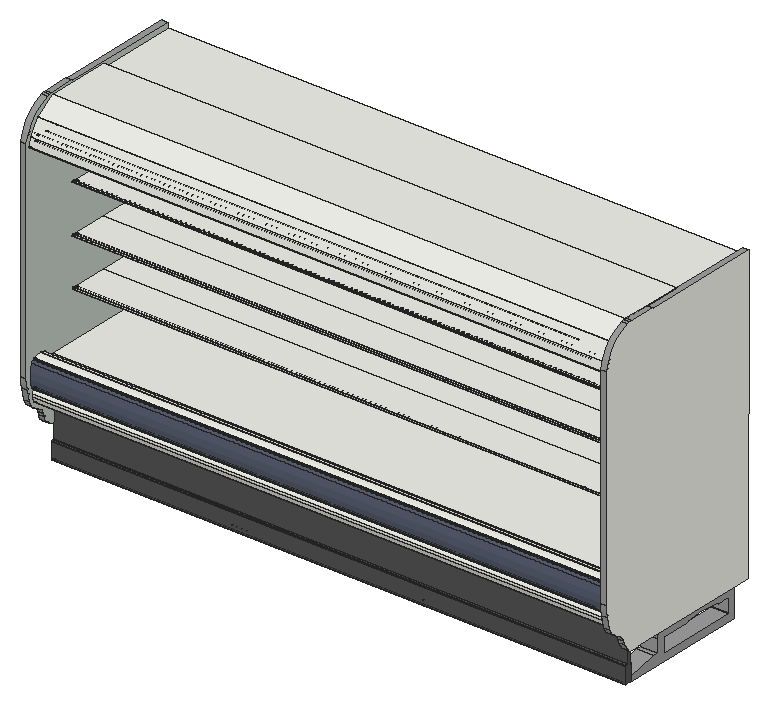
Revit family "IC4SL_2014", category Specialty Equipment, Revit 2014 (continued)
Automatic sketch dimensions
  Extrusion 7 sketch curve to Extrusion 7 sketch curve = 0.11251"
  Extrusion 7 sketch curve to Extrusion 7 sketch curve = 0.00039"
  Extrusion 7 sketch curve to Extrusion 7 sketch curve = 0.60308"
  level to Extrusion 7 sketch curve = 8.10238"
  Extrusion 7 sketch curve to Extrusion 7 sketch curve = 0.24691"
  Extrusion 7 sketch curve to Extrusion 7 sketch curve = 0.16296"
  Extrusion 7 sketch curve to Extrusion 7 sketch curve = 0.16944"
  Extrusion 7 sketch curve to Extrusion 7 sketch curve = 0.03385"
  Extrusion 7 sketch curve to Extrusion 7 sketch curve = 0.70225"
  Extrusion 7 sketch curve to Extrusion 7 sketch curve = 3/256"
  Extrusion 7 sketch curve to Extrusion 7 sketch curve = 0.08837"
  Extrusion 7 sketch curve to Extrusion 7 sketch curve = 0.12442"
  Extrusion 7 sketch curve to Extrusion 7 sketch curve = 0.02877"
  Extrusion 7 sketch curve to Extrusion 7 sketch curve = 0.25897"
  Extrusion 7 sketch curve to Extrusion 7 sketch curve = 0.14114"
  Extrusion 7 sketch curve to Extrusion 7 sketch curve = 0.22975"
  Extrusion 7 sketch curve to Extrusion 7 sketch curve = 0.08386"
  Extrusion 7 sketch curve to Extrusion 7 sketch curve = 0.13095"
  Extrusion 7 sketch curve to Extrusion 7 sketch curve = 0.36143"
  Extrusion 7 sketch curve to Extrusion 7 sketch curve = 0.13423"
  Extrusion 7 sketch curve to Extrusion 7 sketch curve = 0.00634"
  Extrusion 7 sketch curve to Extrusion 7 sketch curve = 0.00017"
  Extrusion 7 sketch curve to Extrusion 7 sketch curve = 0.16446"
  Extrusion 7 sketch curve to Extrusion 7 sketch curve = 0.00029"
  curve 5 to plane 1 "Back" = 0"
  plane 3 "Top" to curve 11 = 1.56475"
  plane 3 "Top" to curve 13 = 1.56475"
  curve 14 to plane 1 "Back" = 0.00023"
  curve 16 to plane 1 "Back" = 0.00023"
  Extrusion 8 sketch curve to plane 5 "Front" = 0.72374"
  Extrusion 8 sketch curve to plane 5 "Front" = 0.35784"
  plane 5 "Front" to Extrusion 8 sketch curve = 0.45465"
  plane 5 "Front" to Extrusion 8 sketch curve = 2.0844"
  plane 5 "Front" to Extrusion 8 sketch curve = 2.08934"
  Extrusion 8 sketch curve to Extrusion 8 sketch curve = 1.2687"
  Extrusion 8 sketch curve to Extrusion 8 sketch curve = 3.12784"  (x2)
  Extrusion 8 sketch curve to Extrusion 8 sketch curve = 1.39439"
  Extrusion 8 sketch curve to Extrusion 8 sketch curve = 0.25446"
  plane 3 "Top" to Extrusion 8 sketch curve = 1.32922"
  Extrusion 8 sketch curve to Extrusion 8 sketch curve = 0.45049"
  plane 3 "Top" to Extrusion 8 sketch curve = 1.24974"
  Extrusion 8 sketch curve to Extrusion 8 sketch curve = 0.56578"
  Extrusion 8 sketch curve to Extrusion 8 sketch curve = 3.12069"
  Extrusion 8 sketch curve to Extrusion 8 sketch curve = 1.04027"
  Extrusion 8 sketch curve to Extrusion 8 sketch curve = 2.68754"
  Extrusion 8 sketch curve to Extrusion 8 sketch curve = 6.43235"
  Extrusion 8 sketch curve to Extrusion 8 sketch curve = 6.51363"
  Extrusion 8 sketch curve to plane 1 "Back" = 0.23965"
  Extrusion 8 sketch curve to Extrusion 8 sketch curve = 2.77935"
  Extrusion 8 sketch curve to Extrusion 8 sketch curve = 2.19414"
  Extrusion 8 sketch curve to Extrusion 8 sketch curve = 3.03224"
  Extrusion 8 sketch curve to Extrusion 8 sketch curve = 0.65928"
  Extrusion 8 sketch curve to Extrusion 8 sketch curve = 1.73608"
  Extrusion 8 sketch curve to Extrusion 8 sketch curve = 0.11155"
  Extrusion 8 sketch curve to Extrusion 8 sketch curve = 0.94965"
  Extrusion 8 sketch curve to Extrusion 8 sketch curve = 0.238"
  Extrusion 8 sketch curve to Extrusion 8 sketch curve = 3.20669"
  Extrusion 8 sketch curve to Extrusion 8 sketch curve = 0.19001"
  Extrusion 8 sketch curve to Extrusion 8 sketch curve = 0.7098"
  Extrusion 8 sketch curve to Extrusion 8 sketch curve = 0"
  level to Extrusion 9 sketch curve = 8.14526"
  Extrusion 9 sketch curve to Extrusion 9 sketch curve = 0.238"
  plane 5 "Front" to Extrusion 9 sketch curve = 5.00689"
  Extrusion 9 sketch curve to Extrusion 9 sketch curve = 2.40007"
  Extrusion 9 sketch curve to Extrusion 9 sketch curve = 0.23476"
  Extrusion 9 sketch curve to Extrusion 9 sketch curve = 3.00016"
  plane 5 "Front" to Extrusion 9 sketch curve = 4.75243"
  Extrusion 9 sketch curve to Extrusion 9 sketch curve = 0.94965"
  plane 5 "Front" to Extrusion 9 sketch curve = 3.35804"
  Extrusion 9 sketch curve to Extrusion 9 sketch curve = 1.73608"
  plane 5 "Front" to Extrusion 9 sketch curve = 2.08934"
  Extrusion 9 sketch curve to Extrusion 9 sketch curve = 0.65928"
  plane 5 "Front" to Extrusion 9 sketch curve = 0.45465"
  Extrusion 9 sketch curve to Extrusion 9 sketch curve = 2.03528"
  Extrusion 9 sketch curve to Extrusion 9 sketch curve = 0.8381"
  Extrusion 9 sketch curve to plane 5 "Front" = 0.35784"
  Extrusion 9 sketch curve to Extrusion 9 sketch curve = 3.03224"
  plane 3 "Top" to Extrusion 9 sketch curve = 4.5359"
  plane 3 "Top" to Extrusion 9 sketch curve = 1.43975"
  plane 3 "Top" to Extrusion 9 sketch curve = 1.32922"
  Extrusion 9 sketch curve to Extrusion 9 sketch curve = 0.07948"
  plane 5 "Front" to Extrusion 9 sketch curve = 6.6438"
  Extrusion 9 sketch curve to Extrusion 9 sketch curve = 0.45049"
  Extrusion 9 sketch curve to Extrusion 9 sketch curve = 0.56578"
  Extrusion 9 sketch curve to Extrusion 9 sketch curve = 3.12069"
  Extrusion 9 sketch curve to Extrusion 9 sketch curve = 1.04027"
  Extrusion 9 sketch curve to Extrusion 9 sketch curve = 2.68754"
  Extrusion 9 sketch curve to Extrusion 9 sketch curve = 6.43235"
  Extrusion 9 sketch curve to Extrusion 9 sketch curve = 6.51363"
  Extrusion 9 sketch curve to plane 1 "Back" = 0.23965"
  plane 3 "Top" to curve 10 = 10.04412"
  Extrusion 4 sketch curve to Extrusion 4 sketch curve = 0.47776"
  plane 3 "Top" to Extrusion 4 sketch curve = 10.87787"
  Extrusion 4 sketch curve to Extrusion 4 sketch curve = 1.07694"
  Extrusion 4 sketch curve to Extrusion 4 sketch curve = 0.00236"
  Extrusion 8 sketch curve to Extrusion 8 sketch curve = 7.36754"
  Extrusion 9 sketch curve to Extrusion 9 sketch curve = 7.00242"
  Extrusion 9 sketch curve to Extrusion 9 sketch curve = 4 199/256"
  Extrusion 4 sketch curve to Extrusion 4 sketch curve = 0.72203"
  level to Extrusion 4 sketch curve = 11.92456"
  Extrusion 4 sketch curve to Extrusion 4 sketch curve = 2.4821"
  Extrusion 4 sketch curve to Extrusion 4 sketch curve = 8.50311"
  Extrusion 4 sketch curve to Extrusion 4 sketch curve = 0.32432"
  Extrusion 4 sketch curve to Extrusion 4 sketch curve = 0.9207"
  Extrusion 4 sketch curve to Extrusion 4 sketch curve = 0.01203"
  Extrusion 4 sketch curve to Extrusion 4 sketch curve = 2.17543"
  Extrusion 4 sketch curve to Extrusion 4 sketch curve = 0.20534"
  Extrusion 4 sketch curve to Extrusion 4 sketch curve = 0.05145"
  Extrusion 5 sketch curve to Extrusion 5 sketch curve = 7.86402"
  Extrusion 5 sketch curve to plane 12 = 17.25624"
  Extrusion 5 sketch curve to Extrusion 5 sketch curve = 2.24577"
  Extrusion 5 sketch curve to Extrusion 5 sketch curve = 0.57358"
  Extrusion 5 sketch curve to Extrusion 5 sketch curve = 0.4195"
  Extrusion 7 sketch curve to plane 12 = 15.5885"
  Extrusion 7 sketch curve to Extrusion 7 sketch curve = 0.47453"
  Extrusion 7 sketch curve to Extrusion 7 sketch curve = 0.00621"
  Extrusion 7 sketch curve to Extrusion 7 sketch curve = 1.34029"
  Extrusion 7 sketch curve to Extrusion 7 sketch curve = 0.15136"
  Extrusion 7 sketch curve to Extrusion 7 sketch curve = 0.03986"
  Extrusion 7 sketch curve to Extrusion 7 sketch curve = 2.02679"
  Extrusion 7 sketch curve to Extrusion 7 sketch curve = 0.02365"
  Extrusion 7 sketch curve to Extrusion 7 sketch curve = 0.39033"
  Extrusion 7 sketch curve to Extrusion 7 sketch curve = 0.39374"
  Extrusion 7 sketch curve to Extrusion 7 sketch curve = 0.16478"
  Extrusion 7 sketch curve to Extrusion 7 sketch curve = 0.12941"
  Extrusion 7 sketch curve to Extrusion 7 sketch curve = 0.49111"
  Extrusion 7 sketch curve to Extrusion 7 sketch curve = 0.00133"
  Extrusion 8 sketch curve to plane 12 = 14.24978"
  Extrusion 9 sketch curve to Extrusion 9 sketch curve = 4.97349"
  Extrusion 9 sketch curve to plane 5 "Front" = 0.72374"
  Extrusion 10 sketch curve to Extrusion 10 sketch curve = 0"  (x16)
  Extrusion 10 sketch curve to plane 12 = 0"
  Extrusion 10 sketch curve to plane 13 = 0"
  Extrusion 10 sketch curve to plane 12 = 0.31125"
  plane 5 "Front" to Extrusion 10 sketch curve = 13.70635"
  plane 13 to Extrusion 10 sketch curve = 0.03074"
  Extrusion 10 sketch curve to Extrusion 10 sketch curve = 0.01219"  (x4)
  Extrusion 10 sketch curve to Extrusion 10 sketch curve = 0.00795"  (x3)
  Extrusion 10 sketch curve to Extrusion 10 sketch curve = 0.01327"  (x3)
  Extrusion 10 sketch curve to plane 13 = 0.32549"
  Extrusion 10 sketch curve to Extrusion 10 sketch curve = 0.01424"  (x2)
  Extrusion 10 sketch curve to plane 12 = 0.32549"
  Extrusion 10 sketch curve to Extrusion 10 sketch curve = 0.00938"  (x3)
  Extrusion 10 sketch curve to plane 12 = 0.30779"
  Extrusion 10 sketch curve to plane 13 = 0.30779"
  Extrusion 10 sketch curve to Extrusion 10 sketch curve = 0.03975"  (x3)
  plane 12 to Extrusion 10 sketch curve = 0.03074"
  plane 13 to Extrusion 10 sketch curve = 0.04368"
  plane 12 to Extrusion 10 sketch curve = 0.04368"
  Extrusion 10 sketch curve to plane 13 = 11.95632"
  Extrusion 10 sketch curve to Extrusion 10 sketch curve = 0.03758"
  Extrusion 10 sketch curve to plane 13 = 11.95235"
  plane 13 to Extrusion 10 sketch curve = 0.04765"
  plane 12 to Extrusion 10 sketch curve = 0.04765"
  Extrusion 10 sketch curve to plane 13 = 0.01219"
  Extrusion 10 sketch curve to Extrusion 10 sketch curve = 0.01924"  (x3)
  Extrusion 10 sketch curve to plane 12 = 0.01219"
  Extrusion 10 sketch curve to Extrusion 10 sketch curve = 0.0087"  (x3)
  Extrusion 10 sketch curve to plane 13 = 0.19708"
  Extrusion 10 sketch curve to Extrusion 10 sketch curve = 0.0921"  (x3)
  Extrusion 10 sketch curve to plane 12 = 0.19708"
  Extrusion 10 sketch curve to Extrusion 10 sketch curve = 0.02262"
  Extrusion 10 sketch curve to plane 12 = 0.2197"
  Extrusion 10 sketch curve to plane 13 = 0.2197"
  Extrusion 10 sketch curve to Extrusion 10 sketch curve = 0.04154"  (x3)
  Extrusion 10 sketch curve to Extrusion 10 sketch curve = 0.01883"
  Extrusion 10 sketch curve to Extrusion 10 sketch curve = 0.06625"  (x9)
  Extrusion 10 sketch curve to plane 13 = 0.2764"
  Extrusion 10 sketch curve to Extrusion 10 sketch curve = 0.87821"  (x3)
  Extrusion 10 sketch curve to plane 12 = 0.2764"
  Extrusion 10 sketch curve to Extrusion 10 sketch curve = 8.14557"  (x3)
  Extrusion 10 sketch curve to Extrusion 10 sketch curve = 7.93679"  (x3)
  Extrusion 10 sketch curve to plane 12 = 0.59421"
  Extrusion 10 sketch curve to plane 13 = 0.59421"
  Extrusion 10 sketch curve to Extrusion 10 sketch curve = 0.71822"  (x3)
  Extrusion 10 sketch curve to plane 13 = 0.69826"
  Extrusion 10 sketch curve to Extrusion 10 sketch curve = 0.8474"  (x3)
  Extrusion 10 sketch curve to plane 12 = 0.69826"
  Extrusion 10 sketch curve to Extrusion 10 sketch curve = 0.42745"  (x3)
  Extrusion 10 sketch curve to plane 13 = 0.84827"
  Extrusion 10 sketch curve to plane 12 = 0.84827"
  Extrusion 10 sketch curve to plane 12 = 2.35164"
  Extrusion 10 sketch curve to Extrusion 10 sketch curve = 2.43639"  (x3)
  Extrusion 10 sketch curve to plane 13 = 2.35164"
  Extrusion 10 sketch curve to plane 12 = 2.44375"
  Extrusion 10 sketch curve to Extrusion 10 sketch curve = 0.18898"  (x3)
  Extrusion 10 sketch curve to plane 13 = 2.44375"
  Extrusion 10 sketch curve to Extrusion 10 sketch curve = 0.19781"  (x3)
  Extrusion 10 sketch curve to Extrusion 10 sketch curve = 0.16985"  (x3)
  Extrusion 10 sketch curve to Extrusion 10 sketch curve = 0.36869"  (x3)
  Extrusion 10 sketch curve to Extrusion 10 sketch curve = 0.07296"  (x3)
  Extrusion 10 sketch curve to plane 13 = 2.60707"
  Extrusion 10 sketch curve to plane 12 = 2.60707"
  Extrusion 10 sketch curve to plane 12 = 0.02014"
  Extrusion 10 sketch curve to Extrusion 10 sketch curve = 0.08774"  (x3)
  Extrusion 10 sketch curve to plane 13 = 0.02014"
  Extrusion 10 sketch curve to plane 12 = 2.5158"
  Extrusion 10 sketch curve to Extrusion 10 sketch curve = 0.02757"  (x3)
  Extrusion 10 sketch curve to plane 13 = 2.5158"
  Extrusion 10 sketch curve to Extrusion 10 sketch curve = 0.02014"
  Extrusion 10 sketch curve to plane 12 = 2.21613"
  Extrusion 10 sketch curve to Extrusion 10 sketch curve = 0.09003"  (x3)
  Extrusion 10 sketch curve to plane 13 = 2.21613"
  Extrusion 10 sketch curve to plane 13 = 2.25406"
  Extrusion 10 sketch curve to Extrusion 10 sketch curve = 0.01531"  (x3)
  Extrusion 10 sketch curve to plane 12 = 2.25406"
  Extrusion 10 sketch curve to Extrusion 10 sketch curve = 0.11295"  (x3)
  Extrusion 10 sketch curve to plane 12 = 0.37554"
  Extrusion 10 sketch curve to plane 13 = 0.37554"
  Extrusion 10 sketch curve to Extrusion 10 sketch curve = 0.03151"  (x2)
  Extrusion 10 sketch curve to Extrusion 10 sketch curve = 0.0162"
  Extrusion 10 sketch curve to plane 12 = 0.64458"
  Extrusion 10 sketch curve to Extrusion 10 sketch curve = 0.00969"  (x3)
  Extrusion 10 sketch curve to plane 13 = 0.64458"
  Extrusion 10 sketch curve to plane 12 = 0.90884"
  Extrusion 10 sketch curve to Extrusion 10 sketch curve = 0.0096"  (x3)
  Extrusion 10 sketch curve to plane 13 = 0.90884"
  Extrusion 10 sketch curve to Extrusion 10 sketch curve = 0.03293"  (x3)
  Extrusion 10 sketch curve to plane 12 = 0.34095"
  Extrusion 10 sketch curve to plane 13 = 0.34095"
  Extrusion 10 sketch curve to Extrusion 10 sketch curve = 0.03337"  (x3)
  Extrusion 10 sketch curve to Extrusion 10 sketch curve = 43/256"  (x3)
  Extrusion 10 sketch curve to plane 12 = 2 119/256"
  Extrusion 10 sketch curve to plane 13 = 2 119/256"
  Extrusion 10 sketch curve to plane 13 = 2.55507"
  Extrusion 10 sketch curve to Extrusion 10 sketch curve = 0.00064"  (x3)
  Extrusion 10 sketch curve to plane 12 = 2.55507"
  Extrusion 10 sketch curve to plane 12 = 0.87132"
  Extrusion 10 sketch curve to Extrusion 10 sketch curve = 0.03291"  (x3)
  Extrusion 10 sketch curve to plane 13 = 0.87132"
  Extrusion 10 sketch curve to Extrusion 10 sketch curve = 0.00023"  (x3)
  Extrusion 10 sketch curve to Extrusion 10 sketch curve = 0.03993"  (x3)
  Extrusion 10 sketch curve to plane 13 = 1.22946"
  Extrusion 10 sketch curve to plane 12 = 1.22946"
  Extrusion 10 sketch curve to Extrusion 10 sketch curve = 0.09428"  (x3)
  Extrusion 10 sketch curve to plane 13 = 1.89786"
  Extrusion 10 sketch curve to plane 12 = 1.89786"
  Extrusion 10 sketch curve to Extrusion 10 sketch curve = 0.06624"  (x3)
  Extrusion 10 sketch curve to Extrusion 10 sketch curve = 0.05602"  (x3)
  Extrusion 10 sketch curve to plane 13 = 0.34022"
  Extrusion 10 sketch curve to plane 12 = 0.34022"
  Extrusion 10 sketch curve to plane 12 = 0.43439"
  Extrusion 10 sketch curve to plane 13 = 0.43439"
  Extrusion 10 sketch curve to Extrusion 10 sketch curve = 0.05681"
  Extrusion 10 sketch curve to plane 13 = 0.87104"
  Extrusion 10 sketch curve to Extrusion 10 sketch curve = 0.04147"  (x3)
  Extrusion 10 sketch curve to plane 12 = 0.87104"
  Extrusion 10 sketch curve to Extrusion 10 sketch curve = 0.0419"
  Extrusion 10 sketch curve to plane 13 = 0.96704"
  Extrusion 10 sketch curve to plane 12 = 0.96704"
  Extrusion 10 sketch curve to Extrusion 10 sketch curve = 0.05735"  (x3)
  Extrusion 10 sketch curve to plane 13 = 2.46463"
  Extrusion 10 sketch curve to Extrusion 10 sketch curve = 0.05785"  (x3)
  Extrusion 10 sketch curve to plane 12 = 2.46463"
  Extrusion 10 sketch curve to plane 13 = 2.34057"
  Extrusion 10 sketch curve to Extrusion 10 sketch curve = 0.0327"  (x3)
  Extrusion 10 sketch curve to plane 12 = 2.34057"
  Extrusion 10 sketch curve to Extrusion 10 sketch curve = 0.21382"  (x3)
  Extrusion 10 sketch curve to plane 13 = 0.98164"
  Extrusion 10 sketch curve to plane 12 = 0.98164"
  Extrusion 10 sketch curve to Extrusion 10 sketch curve = 0.03782"  (x3)
  Extrusion 10 sketch curve to plane 13 = 1.08771"
  Extrusion 10 sketch curve to plane 12 = 1.08771"
  Extrusion 10 sketch curve to plane 12 = 1.0005"
  Extrusion 10 sketch curve to Extrusion 10 sketch curve = 0.06329"  (x3)
  Extrusion 10 sketch curve to plane 13 = 1.0005"
  Extrusion 10 sketch curve to Extrusion 10 sketch curve = 0.04693"  (x3)
  Extrusion 10 sketch curve to plane 12 = 0.47094"
  Extrusion 10 sketch curve to Extrusion 10 sketch curve = 0.04184"  (x3)
  Extrusion 10 sketch curve to plane 13 = 0.47094"
  Extrusion 10 sketch curve to Extrusion 10 sketch curve = 0.03849"  (x3)
  Extrusion 10 sketch curve to plane 12 = 0.57152"
  Extrusion 10 sketch curve to plane 13 = 0.57152"
  Extrusion 10 sketch curve to Extrusion 10 sketch curve = 0.06296"
  Extrusion 10 sketch curve to plane 13 = 0.48979"
  Extrusion 10 sketch curve to plane 12 = 0.48979"
  Extrusion 10 sketch curve to Extrusion 10 sketch curve = 0.09045"  (x3)
  Extrusion 10 sketch curve to plane 13 = 0.60247"
  Extrusion 10 sketch curve to Extrusion 10 sketch curve = 0.0149"  (x3)
  Extrusion 10 sketch curve to plane 12 = 0.60247"
  Extrusion 10 sketch curve to plane 13 = 1.15824"
  Extrusion 10 sketch curve to Extrusion 10 sketch curve = 0.35205"  (x3)
  Extrusion 10 sketch curve to plane 12 = 1.15824"
  Extrusion 10 sketch curve to Extrusion 10 sketch curve = 0.01201"  (x3)
  Extrusion 10 sketch curve to plane 12 = 1.26543"
  Extrusion 10 sketch curve to plane 13 = 1.26543"
  Extrusion 10 sketch curve to Extrusion 10 sketch curve = 0.05664"  (x3)
  Extrusion 10 sketch curve to plane 13 = 1.19326"
  Extrusion 10 sketch curve to plane 12 = 1.19326"
  Extrusion 10 sketch curve to plane 13 = 1.53913"
  Extrusion 10 sketch curve to Extrusion 10 sketch curve = 0.3155"  (x3)
  Extrusion 10 sketch curve to plane 12 = 1.53913"
  Extrusion 10 sketch curve to Extrusion 10 sketch curve = 0.01645"  (x3)
  Extrusion 10 sketch curve to plane 13 = 1.43334"
  Extrusion 10 sketch curve to plane 12 = 1.43334"
  Extrusion 10 sketch curve to plane 12 = 1.48115"
  Extrusion 10 sketch curve to Extrusion 10 sketch curve = 0.04507"  (x3)
  Extrusion 10 sketch curve to plane 13 = 1.48115"
  Extrusion 10 sketch curve to Extrusion 10 sketch curve = 0.05057"  (x3)
  Extrusion 10 sketch curve to Extrusion 10 sketch curve = 0.08941"  (x3)
  Extrusion 10 sketch curve to Extrusion 10 sketch curve = 0.00858"  (x2)
  Extrusion 10 sketch curve to Extrusion 10 sketch curve = 0.04742"  (x3)
  Extrusion 10 sketch curve to Extrusion 10 sketch curve = 0.21345"  (x3)
  Extrusion 10 sketch curve to Extrusion 10 sketch curve = 0.00094"  (x3)
  Extrusion 10 sketch curve to Extrusion 10 sketch curve = 0.06621"  (x5)
  Extrusion 10 sketch curve to Extrusion 10 sketch curve = 0.01583"  (x2)
  Extrusion 10 sketch curve to Extrusion 10 sketch curve = 0.0095"  (x3)
  Extrusion 10 sketch curve to Extrusion 10 sketch curve = 0.08598"  (x3)
  plane 12 to Extrusion 10 sketch curve = 9.30352"
  Extrusion 10 sketch curve to Extrusion 10 sketch curve = 0.052"
  Extrusion 10 sketch curve to Extrusion 10 sketch curve = 0.09127"
  Extrusion 10 sketch curve to Extrusion 10 sketch curve = 0.09023"
  Extrusion 10 sketch curve to Extrusion 10 sketch curve = 0.00021"
  Extrusion 10 sketch curve to Extrusion 10 sketch curve = 0.25273"
  Extrusion 10 sketch curve to Extrusion 10 sketch curve = 0.06634"
  Extrusion 10 sketch curve to Extrusion 10 sketch curve = 0.09211"
  Extrusion 10 sketch curve to Extrusion 10 sketch curve = 0.08651"
  Extrusion 10 sketch curve to Extrusion 10 sketch curve = 0.02859"
  Extrusion 10 sketch curve to Extrusion 10 sketch curve = 0.3097"
  Extrusion 10 sketch curve to Extrusion 10 sketch curve = 0.31827"
  Extrusion 10 sketch curve to Extrusion 10 sketch curve = 0.60128"
  Extrusion 10 sketch curve to Extrusion 10 sketch curve = 0.35873"
  Extrusion 10 sketch curve to Extrusion 10 sketch curve = 0.05798"
  Extrusion 10 sketch curve to Extrusion 10 sketch curve = 0.0478"
  Extrusion 10 sketch curve to Extrusion 10 sketch curve = 0.16791"
  Extrusion 10 sketch curve to Extrusion 10 sketch curve = 0.22009"
  Extrusion 10 sketch curve to Extrusion 10 sketch curve = 0.07217"
  Extrusion 10 sketch curve to Extrusion 10 sketch curve = 0.03502"
  Extrusion 10 sketch curve to Extrusion 10 sketch curve = 0.14174"
  Extrusion 10 sketch curve to Extrusion 10 sketch curve = 0.08722"
  Extrusion 10 sketch curve to Extrusion 10 sketch curve = 0.01886"
  Extrusion 10 sketch curve to Extrusion 10 sketch curve = 0.0146"
  Extrusion 10 sketch curve to Extrusion 10 sketch curve = 0.0582"
  Extrusion 10 sketch curve to Extrusion 10 sketch curve = 0.00413"
  Extrusion 10 sketch curve to Extrusion 10 sketch curve = 0.90209"
  Extrusion 10 sketch curve to Extrusion 10 sketch curve = 0.22674"
  Extrusion 10 sketch curve to Extrusion 10 sketch curve = 0.18458"
  Extrusion 10 sketch curve to Extrusion 10 sketch curve = 0.64186"
  Extrusion 10 sketch curve to Extrusion 10 sketch curve = 0.03095"
  Extrusion 10 sketch curve to Extrusion 10 sketch curve = 0.09686"
  Extrusion 10 sketch curve to Extrusion 10 sketch curve = 0.08174"
  Extrusion 10 sketch curve to Extrusion 10 sketch curve = 0.20926"
  Extrusion 10 sketch curve to Extrusion 10 sketch curve = 0.05885"
  Extrusion 10 sketch curve to Extrusion 10 sketch curve = 0.0012"
  Extrusion 10 sketch curve to Extrusion 10 sketch curve = 0.18539"
  Extrusion 10 sketch curve to Extrusion 10 sketch curve = 0.35623"
  Extrusion 10 sketch curve to Extrusion 10 sketch curve = 0.00346"
  Extrusion 10 sketch curve to Extrusion 10 sketch curve = 0.03138"
  Extrusion 10 sketch curve to Extrusion 10 sketch curve = 0.05671"
  Extrusion 10 sketch curve to Extrusion 10 sketch curve = 0.23484"
  Extrusion 10 sketch curve to Extrusion 10 sketch curve = 0.01106"  (x3)
  Extrusion 10 sketch curve to Extrusion 10 sketch curve = 0.01589"  (x3)
  Extrusion 10 sketch curve to Extrusion 10 sketch curve = 0.0124"  (x3)
  Extrusion 1 sketch curve to Extrusion 1 sketch curve = 0"
  Extrusion 2 sketch curve to Extrusion 2 sketch curve = 0"
  curve 2 to plane 5 "Front" = 0"
  plane 1 "Back" to curve 2 = 0"
  plane 1 "Back" to curve 1 = 0"
  Extrusion 3 sketch curve to Extrusion 3 sketch curve = 0"  (x3)
Nested families (in)
  nested 1: "Floor Support-Side Skid-IC4SL" at (-75.0625, -2.29044, 0), type "Floor Support-Side Skid"
  nested 2: "Floor Support-Side Skid-IC4SL" at (65.0625, -2.29044, 0), type "Floor Support-Side Skid"
  nested 3: "Floor Support-Skid-IC4SL" at (-31.08016, -2.29044, 0), visible <- "12 Case", type "Floor Support-Skid"
  nested 4: "Floor Support-Skid-IC4SL" at (20.84119, -2.29044, 0) x (-1, 0, 0) z (0, 0, 1), visible <- "12 Case", type "Floor Support-Skid"
  nested 5: "Floor Support-Skid-IC4SL" at (-7.16797, -2.29044, 0), visible <- "6 Case", type "Floor Support-Skid"
  nested 6: "Floor Support-Skid-IC4SL" at (-7.16797, -2.29044, 0), visible <- "8 Case", type "Floor Support-Skid"
  nested 7: "Light" at (-5.30699, -31.36562, 21.57955), type "Light"
    with Length 144 3/8"
  nested 8: "Light" at (-5.30699, -20.61316, 7.2236), visible <- "Shelf Lights", type "Light"
    with Length 144 3/8"
  nested 9: "Light" at (-5.30699, -20.61316, -4.7764), visible <- "Shelf Lights", type "Light"
    with Length 144 3/8"
  nested 10: "Light" at (-5.30699, -20.61316, -16.7764), visible <- "Shelf Lights", type "Light"
    with Length 144 3/8"
Connectors (in)
  piping at (58.00551, -28.7155, 0), diameter 0.875, driven by "Refrig. Suction", driven by "Refrigeration Lines Suction"
    settings: on Extrusion 1, index 9, connector inside diameter 7/8", connector length 0", flow factor 0, pipe flow 0 GPM, pressure drop 0.00 psi, fitting loss kfactor 0, connector angle 0.00°, fixture units 0, engagement length 0", angle of deflection 0.00°, flow configuration 0, flow direction 2, fitting loss method 0, system type 22, joint type 0, gender type 0, connector reference index -1, connector utility 0, adjustable connector no, is connector primary yes, connector description "Suction"
  piping at (58.63051, -28.7155, 0), diameter 0.375, driven by "Refrig. Liquid", driven by "Refrigeration Lines Liquid"
    settings: on Extrusion 2, index 10, connector inside diameter 3/8", connector length 0", flow factor 0, pipe flow 0 GPM, pressure drop 0.00 psi, fitting loss kfactor 0, connector angle 0.00°, fixture units 0, engagement length 0", angle of deflection 0.00°, flow configuration 0, flow direction 1, fitting loss method 0, system type 22, joint type 0, gender type 0, connector reference index -1, connector utility 0, adjustable connector no, is connector primary no, connector description "Liquid"
  piping at (-5.11949, -33.38, 3.51473), diameter 1.25, driven by "Waste Drain"
    settings: on Extrusion 3, index 11, connector inside diameter 1 1/4", connector length 0", flow factor 0, pipe flow 0 GPM, pressure drop 0.00 psi, fitting loss kfactor 0, connector angle 0.00°, fixture units 0, engagement length 0", angle of deflection 0.00°, flow configuration 0, flow direction 0, fitting loss method 0, system type 16, joint type 0, gender type 0, connector reference index -1, connector utility 0, adjustable connector no, is connector primary no, connector description ""
Definition of nested family "Floor Support-Side Skid-IC4SL"
  Parameters (values of type "Floor Support-Side Skid")
    Width = 4 1/4"
    URL = "www.hussmann.com"
    Type Comments = ""
    Revit Family Date = "11/19/2015"  # constant formula
    Model = ""
    Manufacturer = "Hussmann Corporation"
    Height = 11.92758"
    Floor Support = Stainless Steel
    Description = ""
    Depth = 32.61397"
    Assembly Code = ""
    Accessories/Options = ""
  Reference planes (in)
    plane 1 "Back": y = 0
    plane 2 "Bottom": z = 0
    plane 3 "Right": x = 2.00551
    plane 4 "Front": y = -32.61397
    plane 5 "Center (Left/Right)": x = -2.24449
    plane 6: z = 11.92758
  Forms (in)
    Extrusion 1, solid, material "Stainless Steel" <- "Floor Support"
      sketch origin (-2.24449, 0, 0) x (0, 1, 0) y (0, 0, 1)
        loop
          line (-26.82848, 11.92758) -> (-24.6027, 10.73912)
          arc (-24.6027, 10.73912) -> (-24.53674, 10.6807) -> (-24.50864, 10.59718) r 0.17093
          line (-24.50864, 10.59718) -> (-24.10355, 5.96694) -> (-24.10355, 2.75805) -> (-25.35288, 2.75805) -> (-32.48853, 1.09914) -> (-32.48853, 4.10713) -> (-32.48853, 4.23159) -> (-32.61397, 4.23159) -> (-32.61397, 4.10713) -> (-32.61397, 0.15531)
          arc (-32.61397, 0.15531) -> (-32.56848, 0.04549) -> (-32.45866, 0) r 0.15531
          line (-32.45866, 0) -> (-0.10055, 0)
          arc (-0.10055, 0) -> (-0.02945, 0.02945) -> (0, 0.10055) r 0.10055
          line (0, 0.10055) -> (0, 9.52702) -> (-0.09681, 9.52702) -> (-0.08143, 10.40826)
          arc (-0.08143, 10.40826) -> (-0.05419, 10.50228) -> (0.01677, 10.56969) r 0.18719
          line (0.01677, 10.56969) -> (1.37446, 11.92758) -> (-26.82848, 11.92758)
        loop
          line (-22.09642, 5.53869) -> (-22.09582, 1.78919) -> (-1.68864, 1.78919) -> (-1.68864, 1.92961) -> (-1.68864, 5.5329) -> (-2.08253, 5.5329) -> (-2.24792, 5.5329) -> (-3.74573, 5.5329) -> (-3.91112, 5.5329) -> (-4.81735, 5.5329)
          arc (-4.81735, 5.5329) -> (-4.93643, 5.55658) -> (-5.03737, 5.62403) r 0.31115
          line (-5.03737, 5.62403) -> (-5.151, 5.73766)
          arc (-5.151, 5.73766) -> (-5.19265, 5.76867) -> (-5.24145, 5.78642) r 0.17907
          arc (-5.24145, 5.78642) -> (-9.8988, 6.26173) -> (-14.55616, 5.78642) r 23.05533
          arc (-14.55616, 5.78642) -> (-14.60496, 5.76867) -> (-14.64661, 5.73766) r 0.17907
          line (-14.64661, 5.73766) -> (-14.76024, 5.62403)
          arc (-14.76024, 5.62403) -> (-14.86118, 5.55658) -> (-14.98025, 5.5329) r 0.31115
          line (-14.98025, 5.5329) -> (-22.09642, 5.53869)
      from 0 to 4.25
  Dimensions and locks (in)
    "Depth": plane 4 "Front" to plane 1 "Back"
    "Height": plane 6 to level
    aligned and locked: Extrusion 1 to plane 5 "Center (Left/Right)"
    aligned and locked: plane 3 "Right" to Extrusion 1
  Automatic sketch dimensions
    plane 6 to Extrusion 1 sketch curve = 1.3413"
    plane 6 to Extrusion 1 sketch curve = 1.18846"
    Extrusion 1 sketch curve to Extrusion 1 sketch curve = 0.07653"
    plane 6 to Extrusion 1 sketch curve = 1.3304"
    Extrusion 1 sketch curve to Extrusion 1 sketch curve = 0.40509"
    level to Extrusion 1 sketch curve = 5.62403"
    Extrusion 1 sketch curve to Extrusion 1 sketch curve = 0.22001"  (x2)
    level to Extrusion 1 sketch curve = 5.73766"
    Extrusion 1 sketch curve to Extrusion 1 sketch curve = 0.11363"  (x3)
    Extrusion 1 sketch curve to Extrusion 1 sketch curve = 0.12662"  (x3)
    plane 1 "Back" to Extrusion 1 sketch curve = 9.8988"
    plane 1 "Back" to Extrusion 1 sketch curve = 5.27762"
    Extrusion 1 sketch curve to Extrusion 1 sketch curve = 29/32"
    Extrusion 1 sketch curve to Extrusion 1 sketch curve = 0.16539"  (x2)
    Extrusion 1 sketch curve to Extrusion 1 sketch curve = 1.49781"
    plane 1 "Back" to Extrusion 1 sketch curve = 0.09681"
    plane 1 "Back" to Extrusion 1 sketch curve = 0.08143"
    Extrusion 1 sketch curve to plane 1 "Back" = 0.10573"
    Extrusion 1 sketch curve to Extrusion 1 sketch curve = 0.09113"  (x2)
    Extrusion 1 sketch curve to Extrusion 1 sketch curve = 5/64"
    Extrusion 1 sketch curve to level = 16.79361"
    plane 6 to Extrusion 1 sketch curve = 1.52259"
    Extrusion 1 sketch curve to Extrusion 1 sketch curve = 0.00327"
    Extrusion 1 sketch curve to Extrusion 1 sketch curve = 2.22579"
    Extrusion 1 sketch curve to Extrusion 1 sketch curve = 0"  (x2)
    Extrusion 1 sketch curve to plane 1 "Back" = 0.01677"
    level to Extrusion 1 sketch curve = 1.78919"
    plane 1 "Back" to Extrusion 1 sketch curve = 1.68864"
    Extrusion 1 sketch curve to Extrusion 1 sketch curve = 0.14042"
    level to Extrusion 1 sketch curve = 5.53869"
    Extrusion 1 sketch curve to plane 1 "Back" = 0"
    plane 4 "Front" to Extrusion 1 sketch curve = 0.12544"
    Extrusion 1 sketch curve to Extrusion 1 sketch curve = 2.00773"
    Extrusion 1 sketch curve to Extrusion 1 sketch curve = 0.94383"
    Extrusion 1 sketch curve to Extrusion 1 sketch curve = 3.00799"
    Extrusion 1 sketch curve to Extrusion 1 sketch curve = 0.12446"
    Extrusion 1 sketch curve to Extrusion 1 sketch curve = 0.87797"
    Extrusion 1 sketch curve to Extrusion 1 sketch curve = 1.24933"
    Extrusion 1 sketch curve to Extrusion 1 sketch curve = 1.26873"
    Extrusion 1 sketch curve to plane 6 = 0"
    Extrusion 1 sketch curve to Extrusion 1 sketch curve = 2.00713"
    Extrusion 1 sketch curve to Extrusion 1 sketch curve = 7.11617"
    Extrusion 1 sketch curve to Extrusion 1 sketch curve = 0.42825"
    Extrusion 1 sketch curve to Extrusion 1 sketch curve = 3.60329"
    plane 4 "Front" to Extrusion 1 sketch curve = 5.78548"
    Extrusion 1 sketch curve to plane 4 "Front" = 0"
    level to Extrusion 1 sketch curve = 0.15531"
    Extrusion 1 sketch curve to level = 0"
    Extrusion 1 sketch curve to Extrusion 1 sketch curve = 0.96886"
    level to Extrusion 1 sketch curve = 0.10055"
Definition of nested family "Floor Support-Skid-IC4SL"
  Parameters (values of type "Floor Support-Skid")
    Width = 8 69/128"
    URL = "www.hussmann.com"
    Type Comments = ""
    Revit Family Date = "11/19/2015"  # constant formula
    Model = ""
    Manufacturer = "Hussmann Corporation"
    Height = 11.92758"
    Floor Support = Stainless Steel
    Description = ""
    Depth = 32.61397"
    Assembly Code = ""
    Accessories/Options = ""
  Reference planes (in)
    plane 1 "Back": y = 0
    plane 2 "Bottom": z = 0
    plane 3 "Right": x = 6.31801
    plane 4 "Front": y = -32.61397
    plane 5 "Center (Left/Right)": x = 2.04848
    plane 6: z = 11.92758
    plane 7 "Left": x = -2.22105
  Forms (in)
    Extrusion 1, solid, material "Stainless Steel" <- "Floor Support"
      sketch origin (2.04848, 0, 0) x (0, 1, 0) y (0, 0, 1)
        loop
          line (-26.82848, 11.92758) -> (-24.6027, 10.73912)
          arc (-24.6027, 10.73912) -> (-24.53674, 10.6807) -> (-24.50864, 10.59718) r 0.17093
          line (-24.50864, 10.59718) -> (-24.10355, 5.96694) -> (-24.10355, 2.75805) -> (-25.35288, 2.75805) -> (-32.48853, 1.09914) -> (-32.48853, 4.10713) -> (-32.48853, 4.23159) -> (-32.61397, 4.23159) -> (-32.61397, 4.10713) -> (-32.61397, 0.15531)
          arc (-32.61397, 0.15531) -> (-32.56848, 0.04549) -> (-32.45866, 0) r 0.15531
          line (-32.45866, 0) -> (-0.10055, 0)
          arc (-0.10055, 0) -> (-0.02945, 0.02945) -> (0, 0.10055) r 0.10055
          line (0, 0.10055) -> (0, 9.52702) -> (-0.09681, 9.52702) -> (-0.08143, 10.40826)
          arc (-0.08143, 10.40826) -> (-0.05419, 10.50228) -> (0.01677, 10.56969) r 0.18719
          line (0.01677, 10.56969) -> (1.37446, 11.92758) -> (-26.82848, 11.92758)
        loop
          line (-22.09642, 5.53869) -> (-22.09582, 1.78919) -> (-1.68864, 1.78919) -> (-1.68864, 1.92961) -> (-1.68864, 5.5329) -> (-2.08253, 5.5329) -> (-2.24792, 5.5329) -> (-3.74573, 5.5329) -> (-3.91112, 5.5329) -> (-4.81735, 5.5329)
          arc (-4.81735, 5.5329) -> (-4.93643, 5.55658) -> (-5.03737, 5.62403) r 0.31115
          line (-5.03737, 5.62403) -> (-5.151, 5.73766)
          arc (-5.151, 5.73766) -> (-5.19265, 5.76867) -> (-5.24145, 5.78642) r 0.17907
          arc (-5.24145, 5.78642) -> (-9.8988, 6.26173) -> (-14.55616, 5.78642) r 23.05533
          arc (-14.55616, 5.78642) -> (-14.60496, 5.76867) -> (-14.64661, 5.73766) r 0.17907
          line (-14.64661, 5.73766) -> (-14.76024, 5.62403)
          arc (-14.76024, 5.62403) -> (-14.86118, 5.55658) -> (-14.98025, 5.5329) r 0.31115
          line (-14.98025, 5.5329) -> (-22.09642, 5.53869)
      from -4.26953 to 4.26953
  Dimensions and locks (in)
    "Depth": plane 4 "Front" to plane 1 "Back"
    "Height": plane 6 to level
    equal spacing: plane 7 "Left", plane 5 "Center (Left/Right)", plane 3 "Right"
    "Width": plane 7 "Left" to plane 3 "Right"
    aligned and locked: plane 3 "Right" to Extrusion 1
    aligned and locked: plane 7 "Left" to Extrusion 1
  Automatic sketch dimensions
    Extrusion 1 sketch curve to plane 4 "Front" = 0"
    Extrusion 1 sketch curve to Extrusion 1 sketch curve = 0.12544"
    Extrusion 1 sketch curve to Extrusion 1 sketch curve = 0.15531"
    Extrusion 1 sketch curve to Extrusion 1 sketch curve = 5.66005"
    Extrusion 1 sketch curve to Extrusion 1 sketch curve = 7.13565"
    Extrusion 1 sketch curve to Extrusion 1 sketch curve = 2.14926"
    Extrusion 1 sketch curve to Extrusion 1 sketch curve = 0.07653"
    Extrusion 1 sketch curve to Extrusion 1 sketch curve = 0.09405"
    Extrusion 1 sketch curve to Extrusion 1 sketch curve = 1.24933"
    Extrusion 1 sketch curve to Extrusion 1 sketch curve = 2.00713"
    Extrusion 1 sketch curve to Extrusion 1 sketch curve = 2.00773"
    Extrusion 1 sketch curve to Extrusion 1 sketch curve = 7.11617"
    Extrusion 1 sketch curve to Extrusion 1 sketch curve = 0.22001"  (x2)
    Extrusion 1 sketch curve to Extrusion 1 sketch curve = 0.11363"  (x4)
    Extrusion 1 sketch curve to Extrusion 1 sketch curve = 0.12662"  (x2)
    plane 4 "Front" to Extrusion 1 sketch curve = 22.71517"
    plane 4 "Front" to Extrusion 1 sketch curve = 27.33635"
    Extrusion 1 sketch curve to Extrusion 1 sketch curve = 29/32"
    Extrusion 1 sketch curve to Extrusion 1 sketch curve = 0.16539"  (x2)
    Extrusion 1 sketch curve to Extrusion 1 sketch curve = 1.49781"
    plane 4 "Front" to Extrusion 1 sketch curve = 30.92533"
    plane 4 "Front" to Extrusion 1 sketch curve = 32.51342"
    plane 4 "Front" to Extrusion 1 sketch curve = 32.51716"
    plane 4 "Front" to Extrusion 1 sketch curve = 32.53254"
    Extrusion 1 sketch curve to Extrusion 1 sketch curve = 0.09681"
    Extrusion 1 sketch curve to Extrusion 1 sketch curve = 0.0982"
    plane 4 "Front" to Extrusion 1 sketch curve = 32.7197"
    plane 4 "Front" to Extrusion 1 sketch curve = 33.98843"
    Extrusion 1 sketch curve to level = 16.79361"
    Extrusion 1 sketch curve to Extrusion 1 sketch curve = 16.79361"
    Extrusion 1 sketch curve to Extrusion 1 sketch curve = 0.94383"
    Extrusion 1 sketch curve to Extrusion 1 sketch curve = 1.68864"
    Extrusion 1 sketch curve to Extrusion 1 sketch curve = 0.14042"
    Extrusion 1 sketch curve to Extrusion 1 sketch curve = 0.96886"
    Extrusion 1 sketch curve to Extrusion 1 sketch curve = 3.00799"
    Extrusion 1 sketch curve to Extrusion 1 sketch curve = 0"  (x2)
    Extrusion 1 sketch curve to Extrusion 1 sketch curve = 0.12446"
    Extrusion 1 sketch curve to Extrusion 1 sketch curve = 3.60329"
    Extrusion 1 sketch curve to Extrusion 1 sketch curve = 3.74371"
    Extrusion 1 sketch curve to Extrusion 1 sketch curve = 2.78064"
    Extrusion 1 sketch curve to Extrusion 1 sketch curve = 5/64"  (x2)
    Extrusion 1 sketch curve to Extrusion 1 sketch curve = 0.09113"  (x2)
    Extrusion 1 sketch curve to Extrusion 1 sketch curve = 0.42825"
    Extrusion 1 sketch curve to Extrusion 1 sketch curve = 3.99413"
    Extrusion 1 sketch curve to Extrusion 1 sketch curve = 0.87797"
    Extrusion 1 sketch curve to Extrusion 1 sketch curve = 0.00327"
    Extrusion 1 sketch curve to Extrusion 1 sketch curve = 4.61934"
    Extrusion 1 sketch curve to Extrusion 1 sketch curve = 0.0109"
    Extrusion 1 sketch curve to Extrusion 1 sketch curve = 1.35789"
Definition of nested family "Light"
  Parameters (values of type "Light")
    Wattage = 16.1571 W
    built-in parameter 1150110 = 1 (stored number, unit not read)
    built-in parameter 1114217 = 1 (stored number, unit not read)
    built-in parameter 1150109 = 1 (stored number, unit not read)
    built-in parameter 1150134 = (empty or 0)
    built-in parameter 1150113 = 1 (stored number, unit not read)
    Lumens = 2400 lm
    built-in parameter 1150115 = 1 (stored number, unit not read)
    built-in parameter 1150105 = 763.94 (stored number, unit not read)
    Light Source Symbol Size = 24"
    built-in parameter 1150137 = (empty or 0)
    built-in parameter 1150139 = (empty or 0)
    Lense = none
    Length = 144"
    built-in parameter 1150112 = 1 (stored number, unit not read)
    built-in parameter 1150114 = 1 (stored number, unit not read)
    built-in parameter 1150132 = 2
    built-in parameter 1150102 = (empty or 0)
    built-in parameter 1150138 = (empty or 0)
    built-in parameter 1150107 = 6100 (stored number, unit not read)
    built-in parameter 1150106 = 7.6394 (stored number, unit not read)
    Emit from Line Length = Length  # 144"
    built-in parameter 1150104 = 13.8 (stored number, unit not read)
    Dimming Lamp Color Temperature Shift = (empty or 0)
    Color Filter = 16777215
    Casing = none
    built-in parameter 1114218 = 1 (stored number, unit not read)
    built-in parameter 1150133 = 10 (stored number, unit not read)
  Reference planes (in)
    plane 1 "Light Source Axis (F/B)": y = -8.60801
    plane 2: z = 0
    plane 3 "Light Source Axis (L/R)": x = 0
    plane 4 "Light Source Elevation": z = 52.5
    plane 5: z = 0
    plane 6 "Left": x = -72
    plane 7 "Right": x = 72
  Lines and regions (in)
    model lines
      curve 1: line (-72, -8.60801, 52.5) -> (72, -8.60801, 52.5)
  Dimensions and locks (in)
    equal spacing: plane 7 "Right", plane 3 "Light Source Axis (L/R)", plane 6 "Left"
    "Length": plane 7 "Right" to plane 6 "Left"
    aligned and locked: plane 3 "Light Source Axis (L/R)" to imposter light
    aligned and locked: plane 1 "Light Source Axis (F/B)" to imposter light
    aligned and locked: plane 4 "Light Source Elevation" to imposter light
    aligned and locked: level to plane 5
  Automatic sketch dimensions
    plane 1 "Light Source Axis (F/B)" to curve 1 = 0"
    curve 1 to plane 6 "Left" = 0"
    curve 1 to plane 7 "Right" = 0"
Types (4): name | Width | Total Weight | Number of Supports | Drain Location | Case Weight | 8 Case | 6 Case | 12 Case
  12'-0" Length | 144 3/8" | 1260.00 lbf | 4 | 72 3/16" | 1100.00 lbf | no | no | yes
  8'-0" Length | 96 1/4" | 1160.00 lbf | 3 | 72 1/8" | 1000.00 lbf | yes | no | no
  6'-0" Length | 72 1/4" | 1010.00 lbf | 3 | 48 1/8" | 850.00 lbf | no | yes | no
  4'-0" Length | 48 1/8" | 860.00 lbf | 2 | 24 1/16" | 700.00 lbf | no | no | no
